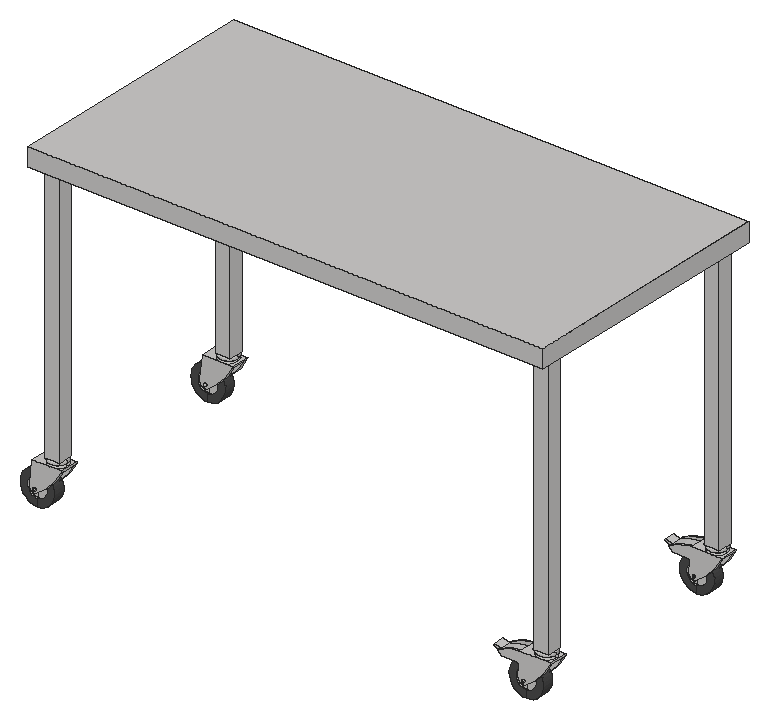
Revit family "QF_ELECTROLUXPROFESSIONAL_132836_TG1400PR", category Attrezzature speciali, Revit 2020
Family settings
  Quota connettore circolare = Usa diametro
  Tipo di parte = Normale
  Basato su piano di lavoro = No
  Sempre verticale = Sì
  Taglio con vuoti quando caricato = No
  Condiviso = No
  Punto di calcolo locali = No
Parameters (values of type "Standard")
  Weight = 33.00 kg
  Watts = 0 W
  Volts = 0 V
  URL Manufacturer = "https://www.electroluxprofessional.com/"
  URL = "https://www.electroluxprofessional.com/"
  Steam Supply Size = 0 mm
  Steam Supply Minimum Pressure = 0.0 Pa
  Steam Supply Maximum Pressure = 0.0 Pa
  Steam Consumption per Hour = 0
  Refrigeration Suction Line Size = 0.0 mm
  Refrigeration Liquid Line Size = 0.0 mm
  Refrigerant Compressor Remote = yes
  Prospetto di default = 0.0 mm
  Produttore = "Electrolux Professional"
  Phase = 0
  Modello = "TG1400PR"
  Length Actual = 1400.0 mm  # constant formula
  Item Number = "132836"
  Hot Water Size = 0 mm
  Height Actual = 900.0 mm  # constant formula
  HP = "0 HP"
  Gas Size = 0 mm
  Gas KW = 0
  Gas Input Pressure = 0 W
  Direct Waste Size = 0 mm
  Descrizione = "WORK TABLE ON WHEELS 1400MM H900"
  Depth Actual = 700.0 mm  # constant formula
  Cycle = 0 Hz
  Condensate Return Size = 0 mm
  Compressed Air Volume = 0.0 L/s
  Compressed Air Size = 0 mm
  Compressed Air Pressure = 0.0 Pa
  Cold Water Size = 0 mm
  Accessory = yes
Reference planes
  plane 1 "Center (Front/Back)": y = 0
  plane 2: z = 0
  plane 3 "Center (Left/Right)": x = -100
  plane 4 "LEFT": x = -800
  plane 5 "RIGHT": x = 600
  plane 6 "BACK": y = 350
  plane 7 "FRONT": y = -350
  plane 8 "Base": z = 850
  plane 9 "TOP": z = 900
  plane 10: x = -764.5
  plane 11: x = 564.5
  plane 12: y = 290
  plane 13: y = -290
Forms (mm)
  Extrusion 1, solid, material "QF_Finishes_Stainless Steel"
    sketch origin (0, 0, 900) x (0, 1, 0) y (-1, 0, 0)
      loop
        line (350, 800) -> (-350, 800) -> (-350, -600) -> (350, -600) -> (350, 800)
    from 0 to -50
  Extrusion 2, solid, material "QF_Finishes_Stainless Steel"
    sketch origin (-100, 0, 0) x (0, 1, 0) y (0, 0, 1)
      loop
        line (350, 900) -> (-350, 900) -> (-350, 850) -> (350, 850) -> (350, 900)
    from 700 to -700
Lines and regions (mm)
  symbolic lines
    curve 1: line (600, 350, 900) -> (-800, 350, 900)
    curve 2: line (-800, 350, 900) -> (-800, -350, 900)
    curve 3: line (-800, -350, 900) -> (600, -350, 900)
    curve 4: line (600, -350, 900) -> (600, 350, 900)
Dimensions and locks
  plane 4 "LEFT" to plane 5 "RIGHT" = 1400.0 mm
  equal spacing: plane 4 "LEFT", plane 3 "Center (Left/Right)", plane 5 "RIGHT"
  equal spacing: plane 6 "BACK", plane 1 "Center (Front/Back)", plane 7 "FRONT"
  plane 6 "BACK" to plane 7 "FRONT" = 700.0 mm
  plane 8 "Base" to level = 850.0 mm
  plane 9 "TOP" to level = 900.0 mm
  plane 6 "BACK" to plane 12 = 60.0 mm
  plane 13 to plane 7 "FRONT" = 60.0 mm
  plane 4 "LEFT" to plane 10 = 35.5 mm
  plane 11 to plane 5 "RIGHT" = 35.5 mm
  plane 10 to plane 11 = 1329.0 mm
  plane 12 to plane 13 = 580.0 mm
  aligned and locked: level to plane 2
  aligned and locked: plane 10 to nested 1
  aligned and locked: nested 1 to plane 13
  aligned and locked: plane 11 to nested 2
  aligned and locked: nested 2 to plane 13
  aligned and locked: plane 11 to nested 4
  aligned and locked: nested 4 to plane 12
  aligned and locked: plane 10 to nested 3
  aligned and locked: nested 3 to plane 12
  aligned and locked: Extrusion 1 sketch curve to plane 6 "BACK"
  aligned and locked: Extrusion 1 sketch curve to plane 4 "LEFT"
  aligned and locked: Extrusion 1 sketch curve to plane 7 "FRONT"
  aligned and locked: Extrusion 1 sketch curve to plane 5 "RIGHT"
  aligned and locked: plane 12 to nested 6
  aligned and locked: plane 11 to nested 6
  aligned and locked: plane 13 to nested 5
  aligned and locked: plane 10 to nested 5
  aligned and locked: plane 12 to nested 7
  aligned and locked: plane 10 to nested 7
  aligned and locked: plane 11 to nested 8
  aligned and locked: plane 13 to nested 8
  aligned and locked: Extrusion 2 sketch curve to plane 6 "BACK"
  aligned and locked: Extrusion 2 sketch curve to plane 9 "TOP"
  aligned and locked: plane 8 "Base" to Extrusion 2 sketch curve
  aligned and locked: plane 7 "FRONT" to Extrusion 2 sketch curve
  aligned and locked: Extrusion 2 to plane 4 "LEFT"
  aligned and locked: plane 5 "RIGHT" to Extrusion 2
  aligned and locked: plane 6 "BACK" to Extrusion 2
  aligned and locked: Extrusion 2 to plane 7 "FRONT"
Automatic sketch dimensions
  curve 2 to plane 4 "LEFT" = 0.0 mm
  curve 2 to plane 7 "FRONT" = 0.0 mm
  curve 2 to plane 6 "BACK" = 0.0 mm
  curve 1 to plane 5 "RIGHT" = 0.0 mm
Nested families
  nested 1: "FEET_40x40_WHEEL" at (-764.5, -290, 0), type "FEET_40x40_WHEEL"
  nested 2: "FEET_40x40_WHEEL" at (564.5, -290, 0), type "FEET_40x40_WHEEL"
  nested 3: "FEET_40x40_WHEEL" at (-764.5, 290, 0), type "FEET_40x40_WHEEL"
  nested 4: "FEET_40x40_WHEEL" at (564.5, 290, 0), type "FEET_40x40_WHEEL"
  nested 5: "WHEEL130" at (-764.5, -190.35, 0), type "WHEEL130"
    with Type Mark "", Status "", Specification by User "", Revision Code "", Installed By "", Identify Quantity as Lot yes, Furnished By "", Foodservice Equipment Identifier yes
  nested 6: "WHEEL130_LOCKED" at (564.5, 389.65, 0), type "WHEEL130_LOCKED"
    with Type Mark "", Status "", Specification by User "", Revision Code "", Installed By "", Identify Quantity as Lot yes, Furnished By "", Foodservice Equipment Identifier yes
  nested 7: "WHEEL130" at (-764.5, 389.65, 0), type "WHEEL130"
    with Type Mark "", Status "", Specification by User "", Revision Code "", Installed By "", Identify Quantity as Lot yes, Furnished By "", Foodservice Equipment Identifier yes
  nested 8: "WHEEL130_LOCKED" at (564.5, -190.35, 0), type "WHEEL130_LOCKED"
    with Type Mark "", Status "", Specification by User "", Revision Code "", Installed By "", Identify Quantity as Lot yes, Furnished By "", Foodservice Equipment Identifier yes
Definition of nested family "FEET_40x40_WHEEL"
  Parameters
    Default Elevation = 0.0 mm
    FEET = 850.0 mm
  Reference planes
    plane 1 "Center (Front/Back)": y = 0
    plane 2: z = 0
    plane 3 "Center (Left/Right)": x = 0
    plane 4: z = 850
  Forms (mm)
    Extrusion 1, solid
      sketch origin (0, 0, 0) x (1, 0, 0) y (0, 1, 0)
        loop
          line (-20, -20) -> (20, -20) -> (20, 20) -> (-20, 20) -> (-20, -20)
      from 130 to 845
    Extrusion 2, solid
      sketch origin (0, 0, 0) x (1, 0, 0) y (0, 1, 0)
        loop
          line (30, 30) -> (-30, 30) -> (-30, -30) -> (30, -30) -> (30, 30)
      from 845 to 850
  Lines and regions (mm)
    symbolic lines
      curve 1: line (0, -1.503, 0) -> (0, 1.508, 0)
      curve 2: line (1.561, 0, 0) -> (-1.439, 0, 0)
  Dimensions and locks
    "FEET": plane 4 to plane 2
    aligned and locked: level to plane 2
  Automatic sketch dimensions
    Extrusion 1 sketch curve to plane 3 "Center (Left/Right)" = 20.0 mm
    plane 3 "Center (Left/Right)" to Extrusion 1 sketch curve = 20.0 mm
    plane 1 "Center (Front/Back)" to Extrusion 1 sketch curve = 20.0 mm
    Extrusion 1 sketch curve to plane 1 "Center (Front/Back)" = 20.0 mm
    plane 3 "Center (Left/Right)" to Extrusion 2 sketch curve = 30.0 mm
    Extrusion 2 sketch curve to plane 1 "Center (Front/Back)" = 30.0 mm
    Extrusion 2 sketch curve to plane 3 "Center (Left/Right)" = 30.0 mm
    plane 1 "Center (Front/Back)" to Extrusion 2 sketch curve = 30.0 mm
    plane 1 "Center (Front/Back)" to curve 2 = 0.0 mm
    curve 1 to plane 3 "Center (Left/Right)" = 0.0 mm
    curve 2 to plane 3 "Center (Left/Right)" = 1.439 mm
    plane 3 "Center (Left/Right)" to curve 2 = 1.561 mm
    plane 1 "Center (Front/Back)" to curve 1 = 1.503 mm
    curve 1 to plane 1 "Center (Front/Back)" = 1.508 mm
Definition of nested family "WHEEL130"
  Parameters
    Weight = ""
    URL Manufacturer = ""
    URL Cutsheet = ""
    URL = ""
    Type Mark [instance] = ""
    Status [instance] = ""
    Specification by User [instance] = ""
    Specification by Manufacturer = ""
    Serial Number = ""
    Seismic Rating = ""
    SMACNA No = ""
    Revision Code [instance] = ""
    Default Elevation = 0.0 mm
    Omniclass Number and Title = ""
    NAFEM Spec ID Number = ""
    Model = ""
    MasterSpec. = ""
    Manufacturer = ""
    Installed By [instance] = ""
    Identify Quantity as Lot [instance] = yes
    Furnished By [instance] = ""
    Foodservice Equipment Identifier [instance] = yes
    Description = ""
    CSI MasterFormat = ""
    CSI Master Format = ""
    Assembly Code = ""
  Reference planes
    plane 1: z = 0
    plane 2 "Center (Front/Back)": y = -99.65
    plane 3 "Center (Left/Right)": x = 0
    plane 4 "TOP": z = 130
    plane 5 "Center X Caster": x = -44
  Forms (mm)
    Revolve 1, solid
      sketch origin (-44, -53.609, -25.504) x (0, -1, 0) y (0, 0, 1)
        loop
          line (26.04, 72.523) -> (26.04, 66.136) -> (35.372, 66.136) -> (35.372, 45.418) -> (31.533, 45.418) -> (31.533, 25.504) -> (60.548, 25.504) -> (60.548, 45.418) -> (56.709, 45.418) -> (56.709, 66.136) -> (66.04, 66.136) -> (66.04, 72.523) -> (26.04, 72.523)
        loop
          line (71.04, 69.259) -> (72.755, 69.259) -> (74.056, 70.56) -> (74.056, 72.523) -> (71.04, 72.523) -> (71.04, 69.259)
        loop
          line (21.099, 69.259) -> (21.099, 72.523) -> (18.053, 72.523) -> (18.053, 70.56) -> (19.353, 69.259) -> (21.099, 69.259)
        axis (18.053, 72.523) -> (74.056, 72.523)
      angle from 0 to 360
    Extrusion 2, solid
      sketch origin (0, -99.65, 0) x (-1, 0, 0) y (0, 0, 1)
        loop
          line (51.098, 117.019) -> (-30.875, 117.019) -> (-30.453, 113.093)
          arc (-30.453, 113.093) -> (-1.61, 71.515) -> (37.622, 39.556) r 180.858
          arc (37.622, 39.556) -> (51.933, 40.484) -> (57.92, 53.515) r 14
          line (57.92, 53.515) -> (51.098, 117.019)
        loop
          circle (44, 47.019) r 3.264
      from -20 to -25
    Extrusion 3, solid
      sketch origin (0, -99.65, 0) x (-1, 0, 0) y (0, 0, 1)
        loop
          line (51.098, 117.019) -> (-30.875, 117.019) -> (-30.453, 113.093)
          arc (-30.453, 113.093) -> (-1.61, 71.515) -> (37.622, 39.556) r 180.858
          arc (37.622, 39.556) -> (51.933, 40.484) -> (57.92, 53.515) r 14
          line (57.92, 53.515) -> (51.098, 117.019)
        loop
          circle (44, 47.019) r 3.264
      from 20 to 25
    Revolve 4, solid
      sketch origin (0, -99.65, 0) x (-1, 0, 0) y (0, 0, 1)
        loop
          line (0, 130) -> (-20, 130)
          arc (-20, 130) -> (-23.905, 128.171) -> (-25, 124) r 5.083
          line (-25, 124) -> (-22.422, 124) -> (-22.422, 121.88) -> (-24.688, 117.019) -> (0, 117.019) -> (0, 130)
        axis (0, 130) -> (0, 117.019)
      angle from 0 to 360
    Extrusion 5, solid
      sketch origin (0, -99.65, 0) x (-1, 0, 0) y (0, 0, 1)
        loop
          line (-30.875, 117.019) -> (-30.453, 113.093) -> (51.519, 113.093) -> (51.098, 117.019) -> (-30.875, 117.019)
      from -20 to 20
  Cuts and joins
    joined: Extrusion 2, Extrusion 3, Extrusion 5
  Lines and regions (mm)
    symbolic lines
      curve 1: line (-10, -99.65, 0) -> (10, -99.65, 0)
      curve 2: line (0, -108.445, 0) -> (0, -90.405, 0)
  Dimensions and locks
    plane 4 "TOP" to level = 130.0 mm  (x3)
    aligned and locked: level to plane 1
Definition of nested family "WHEEL130_LOCKED"
  Parameters
    Weight = ""
    URL Manufacturer = ""
    URL Cutsheet = ""
    URL = ""
    Type Mark [instance] = ""
    Status [instance] = ""
    Specification by User [instance] = ""
    Specification by Manufacturer = ""
    Serial Number = ""
    Seismic Rating = ""
    SMACNA No = ""
    Revision Code [instance] = ""
    Default Elevation = 0.0 mm
    Omniclass Number and Title = ""
    NAFEM Spec ID Number = ""
    Model = ""
    MasterSpec. = ""
    Manufacturer = ""
    Installed By [instance] = ""
    Identify Quantity as Lot [instance] = yes
    Furnished By [instance] = ""
    Foodservice Equipment Identifier [instance] = yes
    Description = ""
    CSI MasterFormat = ""
    CSI Master Format = ""
    Assembly Code = ""
  Reference planes
    plane 1: z = 0
    plane 2 "Center (Front/Back)": y = -99.65
    plane 3 "Center (Left/Right)": x = 0
    plane 4 "TOP": z = 130
    plane 5 "Center X Caster": x = -44
  Forms (mm)
    Revolve 1, solid
      sketch origin (-44, -53.609, -25.504) x (0, -1, 0) y (0, 0, 1)
        loop
          line (26.04, 72.523) -> (26.04, 66.136) -> (35.372, 66.136) -> (35.372, 45.418) -> (31.533, 45.418) -> (31.533, 25.504) -> (60.548, 25.504) -> (60.548, 45.418) -> (56.709, 45.418) -> (56.709, 66.136) -> (66.04, 66.136) -> (66.04, 72.523) -> (26.04, 72.523)
        loop
          line (71.04, 69.259) -> (72.755, 69.259) -> (74.056, 70.56) -> (74.056, 72.523) -> (71.04, 72.523) -> (71.04, 69.259)
        loop
          line (21.099, 69.259) -> (21.099, 72.523) -> (18.053, 72.523) -> (18.053, 70.56) -> (19.353, 69.259) -> (21.099, 69.259)
        axis (18.053, 72.523) -> (74.056, 72.523)
      angle from 0 to 360
    Extrusion 2, solid
      sketch origin (0, -99.65, 0) x (-1, 0, 0) y (0, 0, 1)
        loop
          line (56.125, 117.019) -> (-30.875, 117.019) -> (-30.453, 113.093)
          arc (-30.453, 113.093) -> (-1.61, 71.515) -> (37.622, 39.556) r 180.858
          arc (37.622, 39.556) -> (51.933, 40.484) -> (57.92, 53.515) r 14
          line (57.92, 53.515) -> (55.234, 78.516)
          arc (55.234, 78.516) -> (57.071, 84.203) -> (62.528, 86.637) r 7.337
          line (62.528, 86.637) -> (102.952, 86.637) -> (113.559, 97.243)
          arc (113.559, 97.243) -> (85.909, 110.231) -> (56.125, 117.019) r 142.32
        loop
          circle (44, 47.019) r 3.264
      from -20 to -25
    Extrusion 3, solid
      sketch origin (0, -99.65, 0) x (-1, 0, 0) y (0, 0, 1)
        loop
          line (56.125, 117.019) -> (-30.875, 117.019) -> (-30.453, 113.093)
          arc (-30.453, 113.093) -> (-1.61, 71.515) -> (37.622, 39.556) r 180.858
          arc (37.622, 39.556) -> (51.933, 40.484) -> (57.92, 53.515) r 14
          line (57.92, 53.515) -> (55.234, 78.516)
          arc (55.234, 78.516) -> (57.071, 84.203) -> (62.528, 86.637) r 7.337
          line (62.528, 86.637) -> (102.952, 86.637) -> (113.559, 97.243)
          arc (113.559, 97.243) -> (85.909, 110.231) -> (56.125, 117.019) r 142.32
        loop
          circle (44, 47.019) r 3.264
      from 20 to 25
    Extrusion 4, solid
      sketch origin (0, -99.65, 0) x (-1, 0, 0) y (0, 0, 1)
        loop
          line (133.012, 98.841) -> (130.309, 103.34) -> (113.559, 97.243)
          arc (113.559, 97.243) -> (84.897, 105.851) -> (55.427, 111.06) r 256.377
          line (55.427, 111.06) -> (44.82, 111.06)
          arc (44.82, 111.06) -> (37.781, 106.584) -> (38.85, 98.311) r 7.772
          line (38.85, 98.311) -> (105.452, 92.484) -> (114.112, 87.484) -> (133.012, 98.841)
        loop
          circle (44, 105.324) r 3.494
      from -14.507 to 14.507
    Extrusion 5, solid
      sketch origin (0, -99.65, 0) x (-1, 0, 0) y (0, 0, 1)
        loop
          circle (44, 105.324) r 3.494
      from -20 to 20
    Revolve 6, solid
      sketch origin (0, -99.65, 0) x (-1, 0, 0) y (0, 0, 1)
        loop
          line (0, 130) -> (-20, 130)
          arc (-20, 130) -> (-23.905, 128.171) -> (-25, 124) r 5.083
          line (-25, 124) -> (-22.422, 124) -> (-22.422, 121.88) -> (-24.688, 117.019) -> (0, 117.019) -> (0, 130)
        axis (0, 130) -> (0, 117.019)
      angle from 0 to 360
    Extrusion 7, solid
      sketch origin (0, -99.65, 0) x (-1, 0, 0) y (0, 0, 1)
        loop
          line (-30.875, 117.019) -> (-30.453, 113.093) -> (51.519, 113.093) -> (51.098, 117.019) -> (-30.875, 117.019)
      from -20 to 20
  Cuts and joins
    joined: Extrusion 2, Extrusion 3, Extrusion 7
  Lines and regions (mm)
    symbolic lines
      curve 1: line (11.908, -99.65, 0) -> (-11.403, -99.65, 0)
      curve 2: line (0, -111.652, 0) -> (0, -88.928, 0)
  Dimensions and locks
    plane 4 "TOP" to level = 130.0 mm  (x3)
    aligned and locked: level to plane 1
